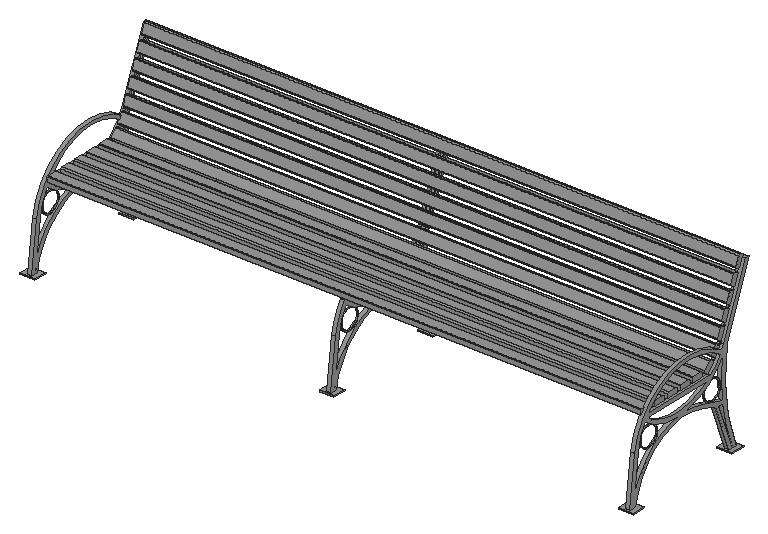
Revit family "Скамейка стальная «Бульвар» Арт 7055", category Антураж, Revit 2018
Family settings
  На основе рабочей плоскости = Нет
  Всегда вертикально = Да
  При загрузке вырезать с полостями = Нет
  Источник визуального образа = Геометрия семейства
  Общий = Нет
  Точка расчета площади = Нет
Parameters (values of type "Версия 3,0 м (3 опоры)")
  Ширина = 760 mm  # constant formula
  Цвет сидения = Дерево
  Цвет опоры = Сталь
  Средняя опора = or([Версия 2,0 м (3 опоры)], ([Версия 3,0 м (3 опоры)]))  # yes
  Описание = if([Версия 0,6 м (кресло)], "Скамейка стальная «Бульвар». Версия 0,6 м (кресло)", if([Версия 1,2 м], "Скамейка стальная «Бульвар». Версия 1,2 м", if([Версия 1,5 м], "Скамейка стальная «Бульвар». Версия 1,5 м", if([Версия 1,8 м], "Скамейка стальная «Бульвар». Версия 1,8 м", if([Версия 2,0 м (2 опоры)], "Скамейка стальная «Бульвар». Версия 2,0 м (2 опоры)", if([Версия 2,0 м (3 опоры)], "Скамейка стальная «Бульвар». Версия 2,0 м (3 опоры)", "Скамейка стальная «Бульвар». Версия 3,0 м (3 опоры)"))))))  # "Скамейка стальная «Бульвар». Версия 3,0 м (3 опоры)"
  Материал изделия = "Сталь, дерево"  # constant formula
  Изображение типоразмера = Скамейка стальная «Бульвар» Арт 7055.jpg
  Изготовитель = "ООО «Хоббика»"  # constant formula
  Длина = if([Версия 0,6 м (кресло)], 640 mm, if([Версия 1,2 м], 1240 mm, if([Версия 1,5 м], 1540 mm, if([Версия 1,8 м], 1840 mm, if([Версия 2,0 м (2 опоры)], 2040 mm, if([Версия 2,0 м (3 опоры)], 2040 mm, 3040 mm))))))  # 3040 mm
  Группа модели = "Садовые скамейки"  # constant formula
  Высота = 840 mm  # constant formula
  Версия 3,0 м (3 опоры) = not(or([Версия 0,6 м (кресло)], [Версия 1,2 м], [Версия 1,5 м], [Версия 1,8 м], [Версия 2,0 м (2 опоры)], [Версия 2,0 м (3 опоры)]))  # yes
  Версия 2,0 м (3 опоры) = no
  Версия 2,0 м (2 опоры) = no
  Версия 1,8 м = no
  Версия 1,5 м = no
  Версия 1,2 м = no
  Версия 0,6 м (кресло) = no
  Артикул товара = "Арт. 7055"  # constant formula
  URL = "https://hobbyka.ru/product/skameika_bulvar/"
Types (8, lengths in mm): name | Средняя опора | Описание | Длина | Версия 3,0 м (3 опоры) | Версия 2,0 м (3 опоры) | Версия 2,0 м (2 опоры) | Версия 1,8 м | Версия 1,5 м | Версия 1,2 м | Версия 0,6 м (кресло)
  (no name) | yes | "Скамейка стальная «Бульвар». Версия 3,0 м (3 опоры)" | 3040 | yes | no | no | no | no | no | no
  Версия 0,6 м (кресло) | no | "Скамейка стальная «Бульвар». Версия 0,6 м (кресло)" | 640 | no | no | no | no | no | no | yes
  Версия 1,2 м | no | "Скамейка стальная «Бульвар». Версия 1,2 м" | 1240 | no | no | no | no | no | yes | no
  Версия 1,5 м | no | "Скамейка стальная «Бульвар». Версия 1,5 м" | 1540 | no | no | no | no | yes | no | no
  Версия 1,8 м | no | "Скамейка стальная «Бульвар». Версия 1,8 м" | 1840 | no | no | no | yes | no | no | no
  Версия 2,0 м (2 опоры) | no | "Скамейка стальная «Бульвар». Версия 2,0 м (2 опоры)" | 2040 | no | no | yes | no | no | no | no
  Версия 2,0 м (3 опоры) | yes | "Скамейка стальная «Бульвар». Версия 2,0 м (3 опоры)" | 2040 | no | yes | no | no | no | no | no
  Версия 3,0 м (3 опоры) | yes | "Скамейка стальная «Бульвар». Версия 3,0 м (3 опоры)" | 3040 | yes | no | no | no | no | no | no
Reference planes
  plane 1 "По центру (Вперед/Назад)": y = 0
  plane 2: z = 0
  plane 3 "По центру (Влево/Вправо)": x = 0
  plane 4: x = 3040
  plane 5: y = 760
  plane 6: z = 840
  plane 7: x = 3020
  plane 8: x = 20
Forms (mm)
  Extrusion 1, solid, material "Дерево" <- "Цвет сидения"
    sketch origin (0, 0, 0) x (0, 1, 0) y (0, 0, 1)
      loop
        line (750.795, 831.157) -> (729.293, 840) -> (723.224, 837.468) -> (705.538, 794.462) -> (708.07, 788.393) -> (729.573, 779.551) -> (750.795, 831.157)
      loop
        line (722.271, 761.793) -> (700.768, 770.636) -> (694.699, 768.104) -> (677.014, 725.098) -> (679.546, 719.029) -> (701.049, 710.187) -> (722.271, 761.793)
      loop
        line (693.746, 692.43) -> (672.244, 701.272) -> (666.175, 698.74) -> (648.489, 655.735) -> (651.021, 649.665) -> (672.524, 640.823) -> (693.746, 692.43)
      loop
        line (665.222, 623.066) -> (643.719, 631.908) -> (637.65, 629.376) -> (619.965, 586.371) -> (622.497, 580.302) -> (644, 571.459) -> (665.222, 623.066)
      loop
        line (636.697, 553.702) -> (615.195, 562.544) -> (609.126, 560.012) -> (591.44, 517.007) -> (593.972, 510.938) -> (615.475, 502.095) -> (636.697, 553.702)
      loop
        line (607.255, 484.715) -> (587.567, 497.083) -> (581.156, 495.619) -> (556.421, 456.243) -> (557.885, 449.832) -> (577.573, 437.465) -> (607.255, 484.715)
      loop
        line (567.84, 424.024) -> (551.558, 440.621) -> (544.983, 440.685) -> (511.788, 408.121) -> (511.725, 401.546) -> (528.006, 384.948) -> (567.84, 424.024)
      loop
        line (493.024, 384.948) -> (493.024, 408.198) -> (488.374, 412.848) -> (441.874, 412.848) -> (437.224, 408.198) -> (437.224, 384.948) -> (493.024, 384.948)
      loop
        line (412.972, 384.948) -> (412.972, 408.198) -> (408.322, 412.848) -> (361.822, 412.848) -> (357.172, 408.198) -> (357.172, 384.948) -> (412.972, 384.948)
      loop
        line (332.972, 384.948) -> (332.972, 408.198) -> (328.322, 412.848) -> (281.822, 412.848) -> (277.172, 408.198) -> (277.172, 384.948) -> (332.972, 384.948)
      loop
        line (252.972, 384.948) -> (252.972, 408.198) -> (248.322, 412.848) -> (201.822, 412.848) -> (197.172, 408.198) -> (197.172, 384.948) -> (252.972, 384.948)
      loop
        line (164.94, 384.948) -> (164.94, 408.198) -> (160.29, 412.848) -> (113.79, 412.848) -> (109.14, 408.198) -> (109.14, 384.948) -> (164.94, 384.948)
    from 20 to 3020
Dimensions and locks
  equal spacing: plane 3 "По центру (Влево/Вправо)", nested 3, plane 4
  "Длина": plane 3 "По центру (Влево/Вправо)" to plane 4
  "Ширина": plane 5 to plane 1 "По центру (Вперед/Назад)"
  "Высота": plane 6 to level
  locked: plane 3 "По центру (Влево/Вправо)" to plane 8 at 20
  locked: plane 7 to plane 4 at 20
  aligned and locked: level to plane 2
  aligned and locked: plane 4 to nested 2
  aligned and locked: plane 3 "По центру (Влево/Вправо)" to nested 1
  aligned and locked: plane 7 to Extrusion 1
  aligned and locked: Extrusion 1 to plane 8
Automatic sketch dimensions
  Extrusion 1 sketch curve to plane 6 = 0 mm
  Extrusion 1 sketch curve to plane 1 "По центру (Вперед/Назад)" = 109.14 mm
  Extrusion 1 sketch curve to Extrusion 1 sketch curve = 4.65 mm  (x20)
  Extrusion 1 sketch curve to Extrusion 1 sketch curve = 46.5 mm  (x5)
  Extrusion 1 sketch curve to Extrusion 1 sketch curve = 32.233 mm
  Extrusion 1 sketch curve to Extrusion 1 sketch curve = 24.2 mm  (x2)
  Extrusion 1 sketch curve to Extrusion 1 sketch curve = 24.252 mm
  Extrusion 1 sketch curve to Extrusion 1 sketch curve = 18.7 mm
  Extrusion 1 sketch curve to Extrusion 1 sketch curve = 0.063 mm  (x2)
  Extrusion 1 sketch curve to Extrusion 1 sketch curve = 16.282 mm  (x2)
  Extrusion 1 sketch curve to Extrusion 1 sketch curve = 33.195 mm
  Extrusion 1 sketch curve to Extrusion 1 sketch curve = 6.576 mm  (x2)
  Extrusion 1 sketch curve to Extrusion 1 sketch curve = 4.863 mm
  Extrusion 1 sketch curve to Extrusion 1 sketch curve = 1.464 mm  (x2)
  Extrusion 1 sketch curve to Extrusion 1 sketch curve = 9.733 mm
  Extrusion 1 sketch curve to Extrusion 1 sketch curve = 24.735 mm
  Extrusion 1 sketch curve to Extrusion 1 sketch curve = 6.411 mm  (x2)
  Extrusion 1 sketch curve to Extrusion 1 sketch curve = 3.874 mm
  Extrusion 1 sketch curve to Extrusion 1 sketch curve = 2.532 mm  (x9)
  Extrusion 1 sketch curve to Extrusion 1 sketch curve = 19.688 mm
  Extrusion 1 sketch curve to Extrusion 1 sketch curve = 17.685 mm  (x4)
  Extrusion 1 sketch curve to Extrusion 1 sketch curve = 6.069 mm  (x10)
  Extrusion 1 sketch curve to Extrusion 1 sketch curve = 8.221 mm
  Extrusion 1 sketch curve to Extrusion 1 sketch curve = 4.77 mm  (x4)
  Extrusion 1 sketch curve to Extrusion 1 sketch curve = 21.503 mm  (x4)
  Extrusion 1 sketch curve to Extrusion 1 sketch curve = 7.302 mm  (x4)
  Extrusion 1 sketch curve to plane 6 = 2.532 mm
  Extrusion 1 sketch curve to plane 5 = 36.776 mm
  Extrusion 1 sketch curve to plane 6 = 8.843 mm
  Extrusion 1 sketch curve to plane 5 = 9.205 mm
  Extrusion 1 sketch curve to Extrusion 1 sketch curve = 17.757 mm  (x8)
  Extrusion 1 sketch curve to Extrusion 1 sketch curve = 13.855 mm
  Extrusion 1 sketch curve to Extrusion 1 sketch curve = 17.38 mm
  Extrusion 1 sketch curve to Extrusion 1 sketch curve = 9.147 mm
  Extrusion 1 sketch curve to Extrusion 1 sketch curve = 13.441 mm
  Extrusion 1 sketch curve to Extrusion 1 sketch curve = 11.303 mm  (x2)
  Extrusion 1 sketch curve to Extrusion 1 sketch curve = 0 mm  (x3)
  Extrusion 1 sketch curve to Extrusion 1 sketch curve = 23.25 mm  (x5)
Nested families
  nested 1: "Скамейка стальная «Бульвар» Арт 7055 опора боковая" at (0, 0, 0), type "Скамейка стальная «Бульвар» Арт 7055 опора боковая"
  nested 2: "Скамейка стальная «Бульвар» Арт 7055 опора боковая" at (3040, 0, 0) x (-1, 0, 0) z (0, 0, 1), type "Скамейка стальная «Бульвар» Арт 7055 опора боковая"
  nested 3: "Скамейка стальная «Бульвар» Арт 7055 опора средняя" at (1520, 0, 0), visible <- "Средняя опора", type "Скамейка стальная «Бульвар» Арт 7055 опора средняя"
Definition of nested family "Скамейка стальная «Бульвар» Арт 7055 опора боковая"
  Parameters (values of type "Скамейка стальная «Бульвар» Арт 7055 опора боковая")
    Цвет опоры = none
    Height = 0 mm
  Reference planes
    plane 1 "По центру (Вперед/Назад)": y = 0
    plane 2: z = 0
    plane 3 "По центру (Влево/Вправо)": x = 0
    plane 4: y = 760
  Forms (mm)
    Extrusion 1, solid, material <- "Цвет опоры"
      sketch origin (0, 0, 0) x (0, 1, 0) y (0, 0, 1)
        loop
          arc (594.817, 472.107) -> (257.565, 511.732) -> (45.33, 246.656) r 350.11
          arc (45.33, 246.656) -> (24.545, 125.446) -> (13.116, 3) r 1602.662
          line (13.116, 3) -> (13.116, 0) -> (44.893, 0)
          arc (44.893, 0) -> (194.44, 230.754) -> (467.355, 264.355) r 325.113
          arc (467.355, 264.355) -> (506.212, 249.912) -> (545.821, 237.683) r 734.997
          line (545.821, 237.683) -> (639, 3) -> (639, 0) -> (683.415, 0)
          arc (683.415, 0) -> (615.989, 240.204) -> (622.237, 489.615) r 838.34
          line (622.237, 489.615) -> (760, 824.618) -> (742.7, 824.618) -> (607.613, 496.123)
          arc (607.613, 496.123) -> (601.464, 483.982) -> (594.817, 472.107) r 327.468
        loop
          line (565.048, 232.614) -> (656.215, 3) -> (664.588, 3)
          arc (664.588, 3) -> (625.781, 111.592) -> (601.951, 224.421) r 854.34
          arc (601.951, 224.421) -> (583.447, 228.28) -> (565.048, 232.614) r 734.997
        loop
          arc (106.174, 363.353) -> (77.83, 305.686) -> (61.05, 243.66) r 334.11
          arc (61.05, 243.66) -> (40.473, 123.844) -> (29.129, 2.804) r 1586.662
          arc (29.129, 2.804) -> (186.449, 244.628) -> (472.84, 279.395) r 341.113
          arc (472.84, 279.395) -> (535.412, 257.354) -> (599.748, 241.173) r 718.997
          arc (599.748, 241.173) -> (593.521, 345.764) -> (600.144, 450.33) r 854.34
          arc (600.144, 450.33) -> (372.023, 299.707) -> (106.174, 363.353) r 343.468
        loop
          arc (586.357, 458.481) -> (341.429, 518.318) -> (124.425, 389.948) r 334.11
          line (124.425, 389.948) -> (526.284, 389.948)
          arc (526.284, 389.948) -> (558.716, 422.115) -> (586.357, 458.481) r 327.468
        loop
          arc (118.743, 373.948) -> (312.462, 310.503) -> (506.181, 373.948) r 327.468
          line (506.181, 373.948) -> (118.743, 373.948)
      from 0 to 20
    Sweep 2, solid, material <- "Цвет опоры"
      path origin (0, 0, 0) x (0, 1, 0) y (0, 0, 1)
        loop
          circle (540.148, 312.852) r 53.918
      profile origin (0, 540.148, 258.934) x (0, 0, 1) y (1, 0, 0)
        loop
          circle (2, 10) r 2
    Sweep 3, solid, material <- "Цвет опоры"
      path origin (0, 0, 0) x (0, 1, 0) y (0, 0, 1)
        loop
          circle (141.47, 279.947) r 53.918
      profile origin (0, 141.47, 226.029) x (0, 0, 1) y (1, 0, 0)
        loop
          circle (2, 10) r 2
    Extrusion 4, solid, material <- "Цвет опоры"
      sketch origin (0, 0, 0) x (0, 1, 0) y (0, 0, 1)
        loop
          line (747.324, 822.716) -> (612.182, 494.088)
          arc (612.182, 494.088) -> (575.872, 435.117) -> (528.133, 384.948) r 332.468
          line (528.133, 384.948) -> (124.425, 384.948) -> (124.425, 382.948) -> (528.869, 382.948)
          arc (528.869, 382.948) -> (577.249, 433.628) -> (614.01, 493.274) r 334.468
          line (614.01, 493.274) -> (749.174, 821.956) -> (747.324, 822.716)
      from 20 to 35
    Extrusion 5, solid, material <- "Цвет опоры"
      sketch origin (0, -61.292, 0) x (1, 0, 0) y (0, 1, 0)
        loop
          line (-27.5, 760) -> (-27.5, 685) -> (47.5, 685) -> (47.5, 760) -> (-27.5, 760)
      from 0 to 5
    Extrusion 6, solid, material <- "Цвет опоры"
      sketch origin (0, -693.496, 0) x (1, 0, 0) y (0, 1, 0)
        loop
          line (-27.5, 760) -> (-27.5, 693.496) -> (47.5, 693.496) -> (47.5, 760) -> (-27.5, 760)
      from 0 to 5
  Lines and regions (mm)
    symbolic lines
      curve 1: circle (0, 540.148, 312.852) r 53.918 normal (1, 0, 0)
      curve 2: circle (0, 141.47, 279.947) r 53.918 normal (1, 0, 0)
  Dimensions and locks
    plane 4 to plane 1 "По центру (Вперед/Назад)" = 760 mm
    aligned and locked: level to plane 2
Definition of nested family "Скамейка стальная «Бульвар» Арт 7055 опора средняя"
  Parameters (values of type "Скамейка стальная «Бульвар» Арт 7055 опора средняя")
    Цвет опоры = none
    Height = 0 mm
  Reference planes
    plane 1 "По центру (Вперед/Назад)": y = 0
    plane 2: z = 0
    plane 3 "По центру (Влево/Вправо)": x = 0
    plane 4: y = 760
  Forms (mm)
    Extrusion 1, solid, material <- "Цвет опоры"
      sketch origin (0, 0, 0) x (0, 1, 0) y (0, 0, 1)
        loop
          arc (101.118, 384.948) -> (65.776, 318.807) -> (45.33, 246.656) r 350.11
          arc (45.33, 246.656) -> (24.545, 125.446) -> (13.116, 3) r 1602.662
          line (13.116, 3) -> (13.116, 0) -> (44.893, 0)
          arc (44.893, 0) -> (194.44, 230.754) -> (467.355, 264.355) r 325.113
          arc (467.355, 264.355) -> (506.212, 249.912) -> (545.821, 237.683) r 734.997
          line (545.821, 237.683) -> (639, 3) -> (639, 0) -> (683.415, 0)
          arc (683.415, 0) -> (615.989, 240.204) -> (622.237, 489.615) r 838.34
          line (622.237, 489.615) -> (760, 824.618) -> (748.106, 824.618) -> (612.182, 494.088)
          arc (612.182, 494.088) -> (575.872, 435.117) -> (528.133, 384.948) r 332.468
          line (528.133, 384.948) -> (101.118, 384.948)
        loop
          line (565.048, 232.614) -> (656.215, 3) -> (664.588, 3)
          arc (664.588, 3) -> (625.781, 111.592) -> (601.951, 224.421) r 854.34
          arc (601.951, 224.421) -> (583.447, 228.28) -> (565.048, 232.614) r 734.997
        loop
          arc (106.174, 363.353) -> (77.83, 305.686) -> (61.05, 243.66) r 334.11
          arc (61.05, 243.66) -> (40.473, 123.844) -> (29.129, 2.804) r 1586.662
          arc (29.129, 2.804) -> (186.449, 244.628) -> (472.84, 279.395) r 341.113
          arc (472.84, 279.395) -> (535.412, 257.354) -> (599.748, 241.173) r 718.997
          arc (599.748, 241.173) -> (593.521, 345.764) -> (600.144, 450.33) r 854.34
          arc (600.144, 450.33) -> (372.023, 299.707) -> (106.174, 363.353) r 343.468
        loop
          arc (118.743, 373.948) -> (312.462, 310.503) -> (506.181, 373.948) r 327.468
          line (506.181, 373.948) -> (118.743, 373.948)
      from -10 to 10
    Sweep 2, solid, material <- "Цвет опоры"
      path origin (0, 0, 0) x (0, 1, 0) y (0, 0, 1)
        loop
          circle (540.148, 312.852) r 53.918
      profile origin (0, 540.148, 258.934) x (0, 0, 1) y (1, 0, 0)
        loop
          circle (2, 0) r 2
    Sweep 3, solid, material <- "Цвет опоры"
      path origin (0, 0, 0) x (0, 1, 0) y (0, 0, 1)
        loop
          circle (141.47, 279.947) r 53.918
      profile origin (0, 141.47, 226.029) x (0, 0, 1) y (1, 0, 0)
        loop
          circle (2, 0) r 2
    Extrusion 4, solid, material <- "Цвет опоры"
      sketch origin (0, 0, 0) x (0, 1, 0) y (0, 0, 1)
        loop
          line (747.324, 822.716) -> (612.182, 494.088)
          arc (612.182, 494.088) -> (575.872, 435.117) -> (528.133, 384.948) r 332.468
          line (528.133, 384.948) -> (124.425, 384.948) -> (124.425, 382.948) -> (528.869, 382.948)
          arc (528.869, 382.948) -> (577.249, 433.628) -> (614.01, 493.274) r 334.468
          line (614.01, 493.274) -> (749.174, 821.956) -> (747.324, 822.716)
      from 10 to 25
    Extrusion 5, solid, material <- "Цвет опоры"
      sketch origin (0, 0, 0) x (0, 1, 0) y (0, 0, -1)
        loop
          line (747.324, -822.716) -> (749.174, -821.956) -> (614.01, -493.274)
          arc (614.01, -493.274) -> (577.249, -433.628) -> (528.869, -382.948) r 334.468
          line (528.869, -382.948) -> (124.425, -382.948) -> (124.425, -384.948) -> (528.133, -384.948)
          arc (528.133, -384.948) -> (575.872, -435.117) -> (612.182, -494.088) r 332.468
          line (612.182, -494.088) -> (747.324, -822.716)
      from 10 to 25
    Extrusion 6, solid, material <- "Цвет опоры"
      sketch origin (-10, -61.292, 0) x (1, 0, 0) y (0, 1, 0)
        loop
          line (-27.5, 760) -> (-27.5, 685) -> (47.5, 685) -> (47.5, 760) -> (-27.5, 760)
      from 0 to 5
    Extrusion 7, solid, material <- "Цвет опоры"
      sketch origin (-10, -693.496, 0) x (1, 0, 0) y (0, 1, 0)
        loop
          line (-27.5, 760) -> (-27.5, 693.496) -> (47.5, 693.496) -> (47.5, 760) -> (-27.5, 760)
      from 0 to 5
  Lines and regions (mm)
    symbolic lines
      curve 1: circle (0, 540.148, 312.852) r 53.918 normal (1, 0, 0)
      curve 2: circle (0, 141.47, 279.947) r 53.918 normal (1, 0, 0)
  Dimensions and locks
    aligned and locked: level to plane 2
